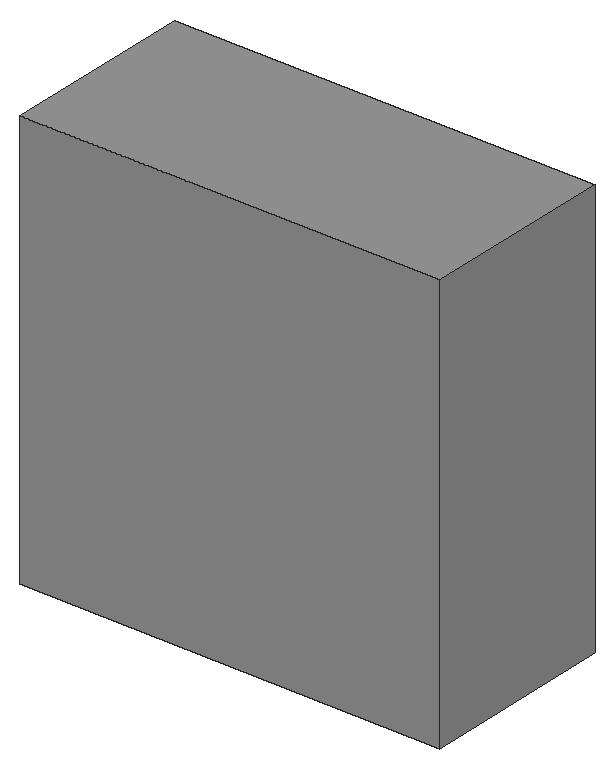
Revit family "SHG_Warnblitzleuchte_V1700", category Sicherheitsgeräte, Revit 2017
Family settings
  Beschriftungsausrichtung beibehalten = Nein
  Bemaßung runder Anschluss = Durchmesser verwenden
  Teiletyp = Normal
  OmniClass-Nummer = 23.85.30.00
  OmniClass-Titel = Safety and Security Information Systems
  Arbeitsebenenbasiert = Nein
  Immer vertikal = Ja
  Beim Laden mit Abzugskörper schneiden = Ja
  Gemeinsam genutzt = Nein
  Raumberechnungspunkt = Nein
Parameters (values of type "Warnblitzleuchte_EMA")
  pbr_Material_KZ = ""
  pbr_Material = none
  pbr_E_Typ = ""
  pbr_E_KZ = ""
  pbr_DINBild = 0
  pbr_Bild = 0
  pbr_3Dx_Delta_Korrekturversatz [instance] = 0 mm
  pbr_3DX_Versatzfaktor [instance] = 0
  pbr_2DY_Versatzfaktor [instance] = 0
  pbr_2DX_Versatzfaktor [instance] = 0
  lfd_STRK [instance] = 0
  cpiFitMatchKey [instance] = "BM BL"  # constant formula
  Zentrale [instance] = ""
  Warnblitzleuchte = yes
  Typ [instance] = ""
  Tiefe = 37 mm
  Text3 [instance] = ""
  Text2 [instance] = ""
  Text1 [instance] = ""
  Planungsbüro Rohling = "www.pbr.de"
  Netzart = ""
  Menge(Dosenzahl) [instance] = 0
  Linie [instance] = ""
  Lastklassifizierung = none
  Installationsart [instance] = ""
  Info [instance] = ""
  Gewerk [instance] = "EMA"
  Bus [instance] = ""
  Länge = Breite  # 80 mm
  Eckversatz [instance] = 0 mm
  YFrontversatz [instance] = if(pbr_2DY_Versatzfaktor = 300, 0 mm, pbr_2DY_Versatzfaktor * 300 mm)  # 0 mm
  XSeitenversatz [instance] = if(pbr_2DX_Versatzfaktor = 0, 3000 mm, 3000 mm + (pbr_2DX_Versatzfaktor * 300 mm)) + Eckversatz  # 3000 mm
  X3Dversatz [instance] = if([3DX_Versatzkontrolle] = 0, 2000 mm, 2000 mm + ([3DX_Versatzkontrolle] * (300 mm - Breite))) + pbr_3Dx_Delta_Korrekturversatz  # 2000 mm
  Niveau [instance] = 1100 mm
  Breite = 80 mm
  Betriebsstrom ruhe [instance] = 0
  Betriebsstrom max [instance] = 0
  3DX_Versatzkontrolle [instance] = if(pbr_3DX_Versatzfaktor = 0, (pbr_2DX_Versatzfaktor * -1), (((-1 * pbr_3DX_Versatzfaktor) + pbr_2DX_Versatzfaktor) * -1))  # 0
  3DX_Versatz [instance] = if([3DX_Versatzkontrolle] = 0, 2000 mm, 2000 mm + ([3DX_Versatzkontrolle] * (300 mm - Breite))) + pbr_3Dx_Delta_Korrekturversatz  # 2000 mm
Reference planes
  plane 1 "Mitte (Vorne/Hinten)": y = 0
  plane 2: z = 0
  plane 3 "Mitte (Links/Rechts)": x = 22.5
  plane 4: x = -127.5
  plane 5: x = 172.5
  plane 6: y = 300
  plane 7 "Schalterhinten": y = 0
  plane 8: x = -2977.5
  plane 9: x = 22.5
  plane 10: x = -1977.5
  plane 11: x = -17.5
  plane 12: x = 62.5
  plane 13: z = 1140
  plane 14: z = 1060
  plane 15 "SchalterVorne": y = 37
  plane 16 "3DMitte": x = 22.5
  plane 17 "Achse": z = 1100
  plane 18: z = 1097.5
  plane 19: z = 1102.5
  plane 20 "2DMitte": y = 150
Forms (mm)
  Extrusion 1, solid, material "Stahl, Edelstahl"
    sketch origin (0, 20, 0) x (0, 0, 1) y (-1, 0, 0)
      loop
        line (1060, 17.5) -> (1060, -62.5) -> (1140, -62.5) -> (1140, 17.5) -> (1060, 17.5)
    from -17 to 20
Lines and regions (mm)
  model lines, not visible
    curve 1: line (-127.5, 0, 0) -> (172.5, 0, 0)
    curve 2: line (-127.5, 300, 0) -> (-127.5, 0, 0)
    curve 3: line (172.5, 300, 0) -> (-127.5, 300, 0)
    curve 4: line (172.5, 0, 0) -> (172.5, 300, 0)
Dimensions and locks
  locked: plane 6 to plane 7 "Schalterhinten" at 300
  "XSeitenversatz": plane 8 to plane 9
  plane 8 to plane 3 "Mitte (Links/Rechts)" = 3000 mm
  "YFrontversatz": plane 1 "Mitte (Vorne/Hinten)" to plane 7 "Schalterhinten"
  "Breite": plane 12 to plane 11
  "Länge": plane 13 to plane 14
  plane 9 to plane 10 = 2000 mm
  equal spacing: plane 12, plane 16 "3DMitte", plane 11
  "3DX_Versatz": plane 16 "3DMitte" to plane 10
  equal spacing: plane 13, plane 17 "Achse", plane 14
  "Niveau": plane 17 "Achse" to level
  "Tiefe": plane 15 "SchalterVorne" to plane 1 "Mitte (Vorne/Hinten)"
  plane 13 to plane 18 = 42.5 mm
  plane 19 to plane 14 = 42.5 mm
  equal spacing: plane 4, plane 9, plane 5, locked at 150 each
  locked: plane 4 to plane 5 at 300
  equal spacing: plane 6, plane 20 "2DMitte", plane 7 "Schalterhinten", locked at 150 each
  locked: plane 9 to plane 10 at 2000
  aligned and locked: level to plane 2
  aligned and locked: curve 1 to plane 7 "Schalterhinten"
  aligned and locked: curve 2 to plane 4
  aligned and locked: plane 6 to curve 3
  aligned and locked: plane 5 to curve 4
  aligned and locked: Extrusion 1 sketch curve to plane 14
  aligned and locked: Extrusion 1 sketch curve to plane 11
  aligned and locked: Extrusion 1 sketch curve to plane 13
  aligned and locked: plane 12 to Extrusion 1 sketch curve
  aligned and locked: plane 1 "Mitte (Vorne/Hinten)" to Extrusion 1
  aligned and locked: Extrusion 1 to plane 15 "SchalterVorne"
  aligned and locked: plane 3 "Mitte (Links/Rechts)" to nested 1
  aligned and locked: plane 1 "Mitte (Vorne/Hinten)" to nested 1
Nested families
  nested 1: "Warnblitzleuchte (EMA)" at (22.5, 0, 0), visible <- "Warnblitzleuchte", type "Warnblitzleuchte (EMA)"
Connectors
  electrical at (22.5, 0, 1100)
    settings: on Extrusion 1, index 1, voltage 0 V, apparent load 0 VA, apparent load phase1 0 VA, apparent load phase2 0 VA, apparent load phase3 0 VA, power factor 1, load classification "Sonstige", number of poles 1, system type 10, power factor state 1, is connector primary yes, connector utility no, sub classification motor no, connector description ""
Definition of nested family "Warnblitzleuchte (EMA)"
  Reference planes
    plane 1 "Mitte (Vorne/Hinten)": y = 0
    plane 2: z = 0
    plane 3 "Mitte (Links/Rechts)": x = 0
  Lines and regions (mm)
    Filled region 1, type "Beton", in view "Referenzebene"
      outline origin (441.79, -213.863, 0) x (1, 0, 0) y (0, 1, 0)
        loop
          line (-356.392, 264.263) -> (-524.392, 264.263) -> (-574.792, 213.863) -> (-305.992, 213.863) -> (-356.392, 264.263)
    detail lines, in view "Referenzebene"
      curve 1: arc (85.314, 205.939, 0) -> (0.743, 288.703, 0) -> (-82.602, 204.705, 0) r 83.962
      curve 2: line (-100.447, 263.505, 0) -> (-158.644, 297.105, 0)
      curve 3: line (-57.402, 306.55, 0) -> (-91.002, 364.747, 0)
      curve 4: line (1.398, 322.305, 0) -> (1.398, 389.505, 0)
      curve 5: line (60.198, 306.55, 0) -> (93.798, 364.747, 0)
      curve 6: line (103.242, 263.505, 0) -> (161.439, 297.105, 0)
      curve 7: line (-82.602, 204.705, 0) -> (-82.602, 50.4, 0)
      curve 8: line (85.398, 50.4, 0) -> (85.398, 205.939, 0)
